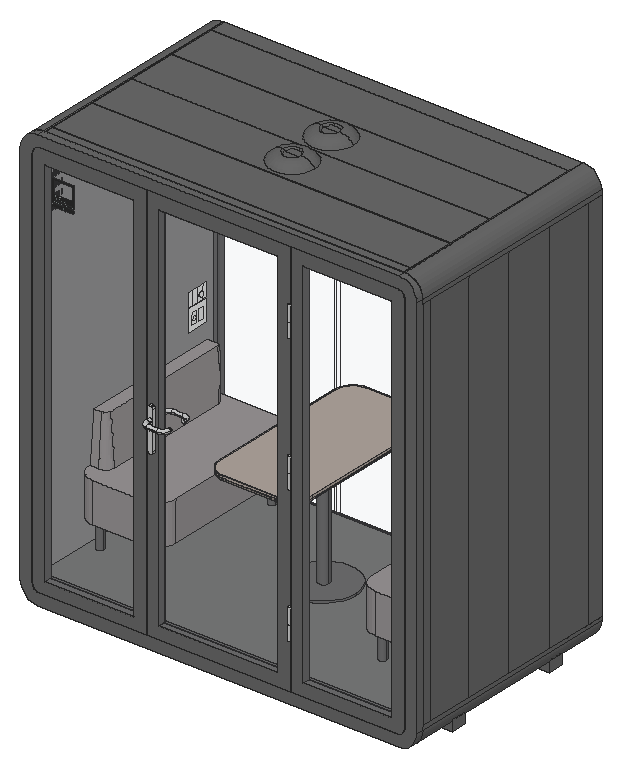
Revit family "MOTTO ML - black", category Entorno, Revit 2023 (continued)
Definition of nested family "Motto ML"
  Forms (mm)
    Extrusion 51, void
      sketch origin (0, 562.847, 0) x (-1, 0, 0) y (0, -1, 0)
        loop
          line (-598.246, 564.134) -> (-573.246, 564.134)
          arc (-573.246, 564.134) -> (-565.746, 571.634) -> (-573.246, 579.134) r 7.5
        loop
          line (-628.246, 499.134) -> (-653.246, 499.134)
          arc (-653.246, 499.134) -> (-660.746, 491.634) -> (-653.246, 484.134) r 7.5
          line (-653.246, 484.134) -> (-628.246, 484.134)
          arc (-628.246, 484.134) -> (-620.746, 491.634) -> (-628.246, 499.134) r 7.5
        loop
          line (-628.246, 519.134) -> (-653.246, 519.134)
          arc (-653.246, 519.134) -> (-660.746, 511.634) -> (-653.246, 504.134) r 7.5
          line (-653.246, 504.134) -> (-628.246, 504.134)
          arc (-628.246, 504.134) -> (-620.746, 511.634) -> (-628.246, 519.134) r 7.5
        loop
          line (-628.246, 539.134) -> (-653.246, 539.134)
          arc (-653.246, 539.134) -> (-660.746, 531.634) -> (-653.246, 524.134) r 7.5
          line (-653.246, 524.134) -> (-628.246, 524.134)
          arc (-628.246, 524.134) -> (-620.746, 531.634) -> (-628.246, 539.134) r 7.5
        loop
          line (-628.246, 559.134) -> (-653.246, 559.134)
          arc (-653.246, 559.134) -> (-660.746, 551.634) -> (-653.246, 544.134) r 7.5
          line (-653.246, 544.134) -> (-628.246, 544.134)
          arc (-628.246, 544.134) -> (-620.746, 551.634) -> (-628.246, 559.134) r 7.5
        loop
          line (-628.246, 579.134) -> (-653.246, 579.134)
          arc (-653.246, 579.134) -> (-660.746, 571.634) -> (-653.246, 564.134) r 7.5
          line (-653.246, 564.134) -> (-628.246, 564.134)
          arc (-628.246, 564.134) -> (-620.746, 571.634) -> (-628.246, 579.134) r 7.5
      from 2163.345 to 2319.018
    Extrusion 52, void
      sketch origin (2041.572, 292.4, -12.428) x (1, 0, 0) y (0, 0, 1)
        loop
          arc (-2403.75, 1126.252) -> (-2408.25, 1141.963) -> (-2412.75, 1126.252) r 8.5
          line (-2412.75, 1126.252) -> (-2412.75, 1113.463)
          arc (-2412.75, 1113.463) -> (-2408.25, 1108.963) -> (-2403.75, 1113.463) r 4.5
          line (-2403.75, 1113.463) -> (-2403.75, 1126.252)
        loop
          arc (-2401.308, 1134.409) -> (-2415.256, 1133.49) -> (-2401.316, 1132.462) r 7.006
          line (-2401.316, 1132.462) -> (-2408.25, 1132.462) -> (-2408.25, 1134.409) -> (-2401.308, 1134.409)
      from 801.439 to 811.141
    Extrusion 53, solid, visible <- "Cloud White (calc)"
      sketch origin (1389, -36.7, 43.15) x (1, 0, 0) y (0, 1, 0)
        loop
          line (-394, -374.155) -> (-2384, -374.155) -> (-2384, -423.9) -> (-394, -423.9) -> (-394, -374.155)
      from 2235 to 2300
    Extrusion 54, solid, visible <- "Cloud White (calc)"
      sketch origin (1389, 23.673, 43.15) x (1, 0, 0) y (0, 1, 0)
        loop
          line (-394, 116.455) -> (-2384, 116.455) -> (-2384, -159.1) -> (-394, -159.1) -> (-394, 116.455)
      from 2235 to 2300
    Extrusion 55, solid, visible <- "Cloud White (calc)"
      sketch origin (1389, 299.227, 43.15) x (1, 0, 0) y (0, 1, 0)
        loop
          line (-394, 116.455) -> (-2384, 116.455) -> (-2384, -159.1) -> (-394, -159.1) -> (-394, 116.455)
      from 2235 to 2300
    Extrusion 56, solid, visible <- "Cloud White (calc)"
      sketch origin (1389, 574.782, 43.15) x (1, 0, 0) y (0, 1, 0)
        loop
          line (-394, 116.455) -> (-2384, 116.455) -> (-2384, -159.1) -> (-394, -159.1) -> (-394, 116.455)
      from 2235 to 2300
    Extrusion 57, solid, visible <- "Cloud White (calc)"
      sketch origin (-1534, -720.471, 0) x (-1, 0, 0) y (0, -1, 0)
        loop
          line (-501, -860.217) -> (-434, -860.217) -> (-434, -585.044) -> (-501, -585.044) -> (-501, -860.217)
      from 122.408 to 2220.742
    Extrusion 58, solid, visible <- "Cloud White (calc)"
      sketch origin (-1534, -445.299, 0) x (-1, 0, 0) y (0, -1, 0)
        loop
          line (-501, -860.217) -> (-434, -860.217) -> (-434, -585.044) -> (-501, -585.044) -> (-501, -860.217)
      from 122.408 to 2220.742
    Extrusion 59, solid, visible <- "Cloud White (calc)"
      sketch origin (-1534, -170.126, 0) x (-1, 0, 0) y (0, -1, 0)
        loop
          line (-501, -861.363) -> (-434, -861.363) -> (-434, -585.044) -> (-501, -585.044) -> (-501, -861.363)
      from 122.408 to 2220.742
    Extrusion 60, solid, visible <- "Cloud White (calc)"
      sketch origin (1534, -720.471, 0) x (1, 0, 0) y (0, 1, 0)
        loop
          line (-501, 860.217) -> (-501, 585.044) -> (-434, 585.044) -> (-434, 860.217) -> (-501, 860.217)
      from 122.408 to 2220.742
    Extrusion 61, solid, visible <- "Cloud White (calc)"
      sketch origin (1534, -445.299, 0) x (1, 0, 0) y (0, 1, 0)
        loop
          line (-501, 860.217) -> (-501, 585.044) -> (-434, 585.044) -> (-434, 860.217) -> (-501, 860.217)
      from 122.408 to 2220.742
    Extrusion 62, solid, visible <- "Cloud White (calc)"
      sketch origin (1534, -170.126, 0) x (1, 0, 0) y (0, 1, 0)
        loop
          line (-501, 861.363) -> (-501, 585.044) -> (-434, 585.044) -> (-434, 861.363) -> (-501, 861.363)
      from 122.408 to 2220.742
    Extrusion 63, solid
      sketch origin (2798.55, 455.495, 145.853) x (1, 0, 0) y (0, 1, 0)
        loop
          arc (-2154.55, 275.105) -> (-2225.261, 245.816) -> (-2254.55, 175.105) r 100
          line (-2254.55, 175.105) -> (-2254.55, -570.095)
          arc (-2254.55, -570.095) -> (-2225.261, -640.806) -> (-2154.55, -670.095) r 100
          line (-2154.55, -670.095) -> (-1874.55, -670.095)
          arc (-1874.55, -670.095) -> (-1803.84, -640.806) -> (-1774.55, -570.095) r 100
          line (-1774.55, -570.095) -> (-1774.55, 275.105) -> (-2154.55, 275.105)
      from 157.492 to 377.492
    Extrusion 64, solid
      sketch origin (0, 0, 61.685) x (-1, 0, 0) y (0, -1, 0)
        loop
          arc (-924, 64.6) -> (-938.645, 99.955) -> (-974, 114.6) r 50
          line (-974, 114.6) -> (-1024, 114.6) -> (-1024, -695.733) -> (-974, -695.733)
          arc (-974, -695.733) -> (-938.645, -681.089) -> (-924, -645.733) r 50
          line (-924, -645.733) -> (-924, 64.6)
      from 461.66 to 731.66
    Sweep 65, void
      path origin (0, -25, 523.345) x (-1, 0, 0) y (0, -1, 0)
        loop
          line (-1024, 89.6) -> (-974, 89.6)
          arc (-974, 89.6) -> (-938.645, 74.955) -> (-924, 39.6) r 50
          line (-924, 39.6) -> (-924, -705.6)
          arc (-924, -705.6) -> (-938.645, -740.955) -> (-974, -755.6) r 50
          line (-974, -755.6) -> (-1024, -755.6)
      profile origin (938.645, -99.955, 523.345) x (-0.707107, -0.707107, 0) y (0, 0, 1)
        loop
          line (0, 0) -> (30.086, 0) -> (5.086, 270) -> (-25, 270) -> (0, 0)
    Extrusion 66, void
      sketch origin (-72.741, 867.299, 0) x (1, 0, 0) y (0, 1, 0)
        loop
          circle (203.151, -313.11) r 31.75
      from 2206.495 to 2434.9
    Extrusion 67, solid
      sketch origin (-1036.883, 5381.492, 2210.804) x (0, 1, 0) y (1, 0, 0.000001)
        loop
          circle (-5694.602, 814.663) r 21
        loop
          circle (-5694.602, 814.663) r 19
      from 0 to 5.054
    Revolve 68, solid
      sketch origin (-222.22, -1447.686, 1644.968) x (0, -1, 0) y (0.000001, 0, -1)
        loop
          arc (-1115.576, -565.837) -> (-1121.141, -552.402) -> (-1134.576, -546.837) r 19
          line (-1134.576, -546.837) -> (-1134.576, -565.837) -> (-1115.576, -565.837)
        axis (-1134.576, -546.837) -> (-1134.576, -565.837)
      angle from 0 to 360
    Extrusion 69, solid, visible <- "Cloud White (calc)"
      sketch origin (1389, -251.882, -2233.987) x (1, 0, 0) y (0, 1, 0)
        loop
          line (-394, 116.455) -> (-2384, 116.455) -> (-2384, -159.1) -> (-394, -159.1) -> (-394, 116.455)
      from 2235 to 2300
    Extrusion 70, solid, visible <- "Cloud White (calc)"
      sketch origin (1389, 1154.755, -2233.987) x (1, 0, 0) y (0, 1, 0)
        loop
          line (-394, -374.155) -> (-2384, -374.155) -> (-2384, -463.9) -> (-394, -463.9) -> (-394, -374.155)
      from 2235 to 2300
    Extrusion 71, solid, visible <- "Cloud White (calc)"
      sketch origin (1389, -36.7, -2233.987) x (1, 0, 0) y (0, 1, 0)
        loop
          line (-394, -374.155) -> (-2384, -374.155) -> (-2384, -423.9) -> (-394, -423.9) -> (-394, -374.155)
      from 2235 to 2300
    Extrusion 72, solid, visible <- "Cloud White (calc)"
      sketch origin (1389, 23.673, -2233.987) x (1, 0, 0) y (0, 1, 0)
        loop
          line (-394, 116.455) -> (-2384, 116.455) -> (-2384, -159.1) -> (-394, -159.1) -> (-394, 116.455)
      from 2235 to 2300
    Extrusion 73, solid, visible <- "Cloud White (calc)"
      sketch origin (1389, 299.227, -2233.987) x (1, 0, 0) y (0, 1, 0)
        loop
          line (-394, 116.455) -> (-2384, 116.455) -> (-2384, -159.1) -> (-394, -159.1) -> (-394, 116.455)
      from 2235 to 2300
    Extrusion 74, solid, visible <- "Cloud White (calc)"
      sketch origin (1389, 574.782, -2233.987) x (1, 0, 0) y (0, 1, 0)
        loop
          line (-394, 116.455) -> (-2384, 116.455) -> (-2384, -159.1) -> (-394, -159.1) -> (-394, 116.455)
      from 2235 to 2300
    Extrusion 75, solid
      sketch origin (-1024, 6373.883, 229.771) x (0, 1, 0) y (0, 0, 1)
        loop
          line (-5807.602, 851.663) -> (-5807.602, 777.663) -> (-5787.602, 777.663) -> (-5787.602, 851.663) -> (-5807.602, 851.663)
        loop
          line (-5687.602, 777.663) -> (-5687.602, 851.663) -> (-5707.602, 851.663) -> (-5707.602, 777.663) -> (-5687.602, 777.663)
        loop
          circle (-5730.227, 814.038) r 10
        loop
          circle (-5730.227, 814.038) r 11
        loop
          arc (-5744.987, 814.038) -> (-5744.487, 813.538) -> (-5743.987, 814.038) r 0.5
          arc (-5743.987, 814.038) -> (-5730.227, 827.798) -> (-5716.466, 814.038) r 13.76
          arc (-5716.466, 814.038) -> (-5715.966, 813.538) -> (-5715.466, 814.038) r 0.5
          arc (-5715.466, 814.038) -> (-5730.227, 828.798) -> (-5744.987, 814.038) r 14.76
        loop
          line (-5785.602, 777.663) -> (-5748.602, 777.663) -> (-5748.602, 851.663) -> (-5785.602, 851.663) -> (-5785.602, 777.663)
        loop
          line (-5709.602, 851.663) -> (-5746.602, 851.663) -> (-5746.602, 777.663) -> (-5709.602, 777.663) -> (-5709.602, 851.663)
      from 0 to 5.054
    Extrusion 76, solid
      sketch origin (-1018.946, 6368.258, 229.146) x (0, 1, 0) y (0, 0, 1)
        loop
          circle (-5724.602, 814.663) r 10
      from 0 to 9.946
    Extrusion 77, solid
      sketch origin (-1024, 6461.55, -48.156) x (0, 1, 0) y (0, 0, 1)
        loop
          line (-5893.061, 931.122) -> (-5777.061, 931.122) -> (-5777.061, 1047.122) -> (-5893.061, 1047.122) -> (-5893.061, 931.122)
        loop
          line (-5873.061, 1021.122) -> (-5873.061, 957.122) -> (-5841.061, 957.122) -> (-5841.061, 1021.122) -> (-5873.061, 1021.122)
        loop
          line (-5829.061, 1021.122) -> (-5829.061, 957.122) -> (-5797.061, 957.122) -> (-5797.061, 1021.122) -> (-5829.061, 1021.122)
        loop
          line (-5871.061, 1019.122) -> (-5871.061, 959.122) -> (-5843.061, 959.122) -> (-5843.061, 1019.122) -> (-5871.061, 1019.122)
        loop
          line (-5827.061, 959.122) -> (-5799.061, 959.122) -> (-5799.061, 1019.122) -> (-5827.061, 1019.122) -> (-5827.061, 959.122)
        loop
          line (-5820.601, 1013.319) -> (-5820.601, 1006.319) -> (-5818.428, 1006.319) -> (-5818.428, 1013.319) -> (-5820.601, 1013.319)
        loop
          line (-5808.216, 1014.319) -> (-5808.216, 1005.319) -> (-5806.043, 1005.319) -> (-5806.043, 1014.319) -> (-5808.216, 1014.319)
        loop
          line (-5815.822, 998.679) -> (-5810.822, 998.679) -> (-5810.822, 1000.975)
          arc (-5810.822, 1000.975) -> (-5813.322, 1003.475) -> (-5815.822, 1000.975) r 2.5
          line (-5815.822, 1000.975) -> (-5815.822, 998.679)
        loop
          line (-5806.668, 994.472) -> (-5806.668, 982.472) -> (-5801.668, 982.472) -> (-5801.668, 994.472) -> (-5806.668, 994.472)
        loop
          line (-5820.601, 975.522) -> (-5820.601, 968.522) -> (-5818.428, 968.522) -> (-5818.428, 975.522) -> (-5820.601, 975.522)
        loop
          line (-5808.216, 976.522) -> (-5808.216, 967.522) -> (-5806.043, 967.522) -> (-5806.043, 976.522) -> (-5808.216, 976.522)
        loop
          line (-5815.822, 960.882) -> (-5810.822, 960.882) -> (-5810.822, 963.178)
          arc (-5810.822, 963.178) -> (-5813.322, 965.678) -> (-5815.822, 963.178) r 2.5
          line (-5815.822, 963.178) -> (-5815.822, 960.882)
        loop
          line (-5824.976, 994.472) -> (-5824.976, 982.472) -> (-5819.976, 982.472) -> (-5819.976, 994.472) -> (-5824.976, 994.472)
        loop
          arc (-5814.388, 985.781) -> (-5813.302, 984.694) -> (-5812.215, 985.781) r 1.087
          line (-5812.215, 985.781) -> (-5812.215, 990.548)
          arc (-5812.215, 990.548) -> (-5813.302, 991.635) -> (-5814.388, 990.548) r 1.087
          line (-5814.388, 990.548) -> (-5814.388, 985.781)
        loop
          circle (-5857.061, 989.122) r 11.249
        loop
          circle (-5857.061, 989.122) r 10
      from 0 to 5.054
    Extrusion 78, solid, visible <- "Cloud White (calc)"
      sketch origin (-1105.054, 6345.817, -597.673) x (0, 1, 0) y (0, 0, 1)
        loop
          line (-5754.033, 820.256) -> (-5754.033, 795.602)
          arc (-5754.033, 795.602) -> (-5753.288, 793.239) -> (-5751.323, 791.731) r 4.119
          line (-5751.323, 791.731) -> (-5729.24, 783.694)
          arc (-5729.24, 783.694) -> (-5723.425, 782.668) -> (-5717.611, 783.694) r 17
          line (-5717.611, 783.694) -> (-5695.528, 791.731)
          arc (-5695.528, 791.731) -> (-5693.562, 793.239) -> (-5692.817, 795.602) r 4.119
          line (-5692.817, 795.602) -> (-5692.817, 820.256)
          arc (-5692.817, 820.256) -> (-5693.455, 822.279) -> (-5695.138, 823.571) r 3.528
          line (-5695.138, 823.571) -> (-5717.606, 831.748)
          arc (-5717.606, 831.748) -> (-5723.425, 832.774) -> (-5729.245, 831.748) r 17.015
          line (-5729.245, 831.748) -> (-5751.712, 823.571)
          arc (-5751.712, 823.571) -> (-5753.395, 822.279) -> (-5754.033, 820.256) r 3.528
        loop
          line (-5712.991, 811.298) -> (-5712.991, 809.409) -> (-5707.991, 809.409) -> (-5707.991, 811.298) -> (-5712.991, 811.298)
        loop
          line (-5708.569, 807.613) -> (-5708.569, 805.816) -> (-5704.285, 805.816) -> (-5704.285, 807.613) -> (-5708.569, 807.613)
        loop
          line (-5712.991, 802.131) -> (-5707.991, 802.131) -> (-5707.991, 804.02) -> (-5712.991, 804.02) -> (-5712.991, 802.131)
        loop
          arc (-5717.6, 796.371) -> (-5716.964, 794.835) -> (-5715.427, 794.198) r 2.173
          line (-5715.427, 794.198) -> (-5705.647, 794.198) -> (-5700.116, 799.73) -> (-5700.116, 814.168) -> (-5705.647, 819.7) -> (-5715.427, 819.7)
          arc (-5715.427, 819.7) -> (-5716.964, 819.063) -> (-5717.6, 817.527) r 2.173
          line (-5717.6, 817.527) -> (-5717.6, 796.371)
        loop
          line (-5744.165, 819.7) -> (-5744.165, 794.198) -> (-5734.783, 794.198) -> (-5734.783, 819.7) -> (-5744.165, 819.7)
        loop
          line (-5743.165, 795.198) -> (-5735.783, 795.198) -> (-5735.783, 818.7) -> (-5743.165, 818.7) -> (-5743.165, 795.198)
        loop
          line (-5749.571, 792.573) -> (-5697.093, 792.573)
          arc (-5697.093, 792.573) -> (-5695.679, 793.159) -> (-5695.093, 794.573) r 2
          line (-5695.093, 794.573) -> (-5695.093, 820.015)
          arc (-5695.093, 820.015) -> (-5695.679, 821.43) -> (-5697.093, 822.015) r 2
          line (-5697.093, 822.015) -> (-5749.571, 822.015)
          arc (-5749.571, 822.015) -> (-5750.986, 821.43) -> (-5751.571, 820.015) r 2
          line (-5751.571, 820.015) -> (-5751.571, 794.573)
          arc (-5751.571, 794.573) -> (-5750.986, 793.159) -> (-5749.571, 792.573) r 2
        loop
          line (-5697.093, 821.015) -> (-5749.571, 821.015)
          arc (-5749.571, 821.015) -> (-5750.278, 820.722) -> (-5750.571, 820.015) r 1
          line (-5750.571, 820.015) -> (-5750.571, 794.573)
          arc (-5750.571, 794.573) -> (-5750.278, 793.866) -> (-5749.571, 793.573) r 1
          line (-5749.571, 793.573) -> (-5697.093, 793.573)
          arc (-5697.093, 793.573) -> (-5696.386, 793.866) -> (-5696.093, 794.573) r 1
          line (-5696.093, 794.573) -> (-5696.093, 820.015)
          arc (-5696.093, 820.015) -> (-5696.386, 820.722) -> (-5697.093, 821.015) r 1
        loop
          line (-5701.116, 813.754) -> (-5706.061, 818.7) -> (-5715.427, 818.7)
          arc (-5715.427, 818.7) -> (-5716.256, 818.356) -> (-5716.6, 817.527) r 1.173
          line (-5716.6, 817.527) -> (-5716.6, 796.371)
          arc (-5716.6, 796.371) -> (-5716.256, 795.542) -> (-5715.427, 795.198) r 1.173
          line (-5715.427, 795.198) -> (-5706.061, 795.198) -> (-5701.116, 800.144) -> (-5701.116, 813.754)
      from 0 to 5.054
    Extrusion 79, solid, visible <- "Cloud White (calc)"
      sketch origin (-1105.054, 6345.18, -549.364) x (0, 1, 0) y (0, 0, 1)
        loop
          arc (-5733.035, 821.247) -> (-5735.839, 820.086) -> (-5737, 817.282) r 3.965
          line (-5737, 817.282) -> (-5737, 791.497)
          arc (-5737, 791.497) -> (-5735.828, 788.669) -> (-5733, 787.497) r 4
          line (-5733, 787.497) -> (-5713, 787.497)
          arc (-5713, 787.497) -> (-5710.172, 788.669) -> (-5709, 791.497) r 4
          line (-5709, 791.497) -> (-5709, 817.247)
          arc (-5709, 817.247) -> (-5710.172, 820.076) -> (-5713, 821.247) r 4
          line (-5713, 821.247) -> (-5733.035, 821.247)
        loop
          circle (-5723.018, 804.39) r 11.85
        loop
          circle (-5723.018, 804.39) r 10.85
        loop
          line (-5719.938, 811.247) -> (-5726.097, 811.247) -> (-5726.097, 809.779) -> (-5728.218, 809.779) -> (-5728.218, 807.316) -> (-5730.954, 807.316) -> (-5730.954, 798.218) -> (-5715.081, 798.218) -> (-5715.081, 807.316) -> (-5717.817, 807.316) -> (-5717.817, 809.779) -> (-5719.938, 809.779) -> (-5719.938, 811.247)
        loop
          line (-5730.454, 798.718) -> (-5715.581, 798.718) -> (-5715.581, 806.816) -> (-5718.317, 806.816) -> (-5718.317, 809.279) -> (-5720.438, 809.279) -> (-5720.438, 810.747) -> (-5725.597, 810.747) -> (-5725.597, 809.279) -> (-5727.718, 809.279) -> (-5727.718, 806.816) -> (-5730.454, 806.816) -> (-5730.454, 798.718)
      from 0 to 5.054
    Extrusion 80, solid
      sketch origin (-835, -500.6, 0) x (1, 0, 0) y (0, 0, 1)
        loop
          line (-3.402, 2028.937) -> (-9.633, 2032.534) -> (-12.737, 2030.741) -> (-12.737, 2034.326) -> (-16.005, 2036.212) -> (-16.005, 2021.764) -> (-9.659, 2018.1) -> (-3.402, 2021.767) -> (-3.402, 2028.937)
        loop
          line (-12.581, 2019.97) -> (-6.325, 2023.636) -> (-6.325, 2030.374) -> (-12.581, 2027.191) -> (-12.581, 2019.97)
        loop
          line (3.496, 2029.305) -> (3.496, 2021.779) -> (6.55, 2021.779)
          spline (6.55, 2021.779) -> (7.21, 2022.076) -> (7.568, 2022.441) -> (7.786, 2022.787) -> (7.929, 2023.103) -> (8.009, 2023.418) -> (8.035, 2023.75) -> (8.023, 2024.097) -> (7.983, 2024.454) -> (7.892, 2024.813) -> (7.713, 2025.165) -> (7.376, 2025.5) -> (6.757, 2025.809)
          spline (6.757, 2025.809) -> (7.193, 2026.058) -> (7.454, 2026.301) -> (7.614, 2026.549) -> (7.736, 2026.812) -> (7.827, 2027.098) -> (7.874, 2027.414) -> (7.866, 2027.766) -> (7.789, 2028.161) -> (7.631, 2028.571) -> (7.38, 2028.939) -> (7.024, 2029.204) -> (6.55, 2029.305)
          line (6.55, 2029.305) -> (3.496, 2029.305)
        loop
          line (5.149, 2028.107) -> (5.149, 2026.25)
          spline (5.149, 2026.25) -> (5.75, 2026.258) -> (6.08, 2026.313) -> (6.27, 2026.434) -> (6.384, 2026.597) -> (6.445, 2026.798) -> (6.465, 2027.037) -> (6.45, 2027.302) -> (6.4, 2027.575) -> (6.281, 2027.818) -> (6.054, 2027.989) -> (5.685, 2028.077) -> (5.149, 2028.107)
        loop
          line (5.149, 2025.056) -> (5.149, 2023.203)
          spline (5.149, 2023.203) -> (5.75, 2023.211) -> (6.08, 2023.267) -> (6.27, 2023.387) -> (6.384, 2023.55) -> (6.445, 2023.751) -> (6.465, 2023.99) -> (6.45, 2024.255) -> (6.4, 2024.529) -> (6.281, 2024.772) -> (6.054, 2024.942) -> (5.685, 2025.031) -> (5.149, 2025.056)
        loop
          line (8.845, 2029.305) -> (8.845, 2023.685)
          spline (8.845, 2023.685) -> (8.988, 2023.094) -> (9.331, 2022.588) -> (9.748, 2022.215) -> (10.167, 2021.993) -> (10.59, 2021.894) -> (11.026, 2021.884) -> (11.481, 2021.941) -> (11.943, 2022.071) -> (12.393, 2022.295) -> (12.811, 2022.631) -> (13.129, 2023.091) -> (13.256, 2023.685)
          line (13.256, 2023.685) -> (13.256, 2029.305) -> (11.752, 2029.305) -> (11.752, 2023.685)
          spline (11.752, 2023.685) -> (11.711, 2023.48) -> (11.605, 2023.332) -> (11.464, 2023.229) -> (11.316, 2023.16) -> (11.178, 2023.119) -> (11.046, 2023.104) -> (10.915, 2023.117) -> (10.778, 2023.157) -> (10.631, 2023.226) -> (10.493, 2023.329) -> (10.389, 2023.479) -> (10.348, 2023.685)
          line (10.348, 2023.685) -> (10.348, 2029.305) -> (8.845, 2029.305)
        loop
          line (14.274, 2029.305) -> (14.274, 2021.779) -> (15.692, 2021.779) -> (15.692, 2024.832)
          spline (15.692, 2024.832) -> (16.291, 2024.8) -> (16.584, 2024.706) -> (16.742, 2024.55) -> (16.825, 2024.327) -> (16.877, 2024.034) -> (16.915, 2023.692) -> (16.94, 2023.339) -> (16.956, 2023.011) -> (16.982, 2022.718) -> (17.046, 2022.455) -> (17.202, 2022.189) -> (17.578, 2021.779)
          line (17.578, 2021.779) -> (19.121, 2021.779)
          spline (19.121, 2021.779) -> (18.761, 2022.25) -> (18.573, 2022.594) -> (18.485, 2022.883) -> (18.433, 2023.182) -> (18.396, 2023.495) -> (18.373, 2023.81) -> (18.359, 2024.113) -> (18.339, 2024.402) -> (18.291, 2024.677) -> (18.192, 2024.941) -> (17.99, 2025.194) -> (17.598, 2025.439)
          spline (17.598, 2025.439) -> (18.104, 2025.708) -> (18.412, 2025.952) -> (18.594, 2026.202) -> (18.715, 2026.488) -> (18.791, 2026.818) -> (18.816, 2027.191) -> (18.782, 2027.605) -> (18.684, 2028.057) -> (18.508, 2028.515) -> (18.235, 2028.916) -> (17.848, 2029.201) -> (17.328, 2029.305)
          line (17.328, 2029.305) -> (14.274, 2029.305)
        loop
          line (15.692, 2028.193) -> (15.692, 2025.983)
          spline (15.692, 2025.983) -> (16.409, 2025.993) -> (16.802, 2026.059) -> (17.029, 2026.203) -> (17.165, 2026.397) -> (17.239, 2026.637) -> (17.262, 2026.922) -> (17.244, 2027.239) -> (17.184, 2027.565) -> (17.043, 2027.854) -> (16.771, 2028.058) -> (16.331, 2028.164) -> (15.692, 2028.193)
        loop
          line (19.763, 2029.305) -> (19.763, 2021.779) -> (23.34, 2021.779) -> (23.34, 2022.89) -> (21.304, 2022.89) -> (21.304, 2025.118) -> (22.932, 2025.118) -> (22.932, 2026.382) -> (21.304, 2026.382) -> (21.304, 2028.193) -> (23.34, 2028.193) -> (23.34, 2029.305) -> (19.763, 2029.305)
        loop
          line (23.935, 2021.779) -> (25.268, 2021.779) -> (25.626, 2023.621) -> (27.207, 2023.621) -> (27.565, 2021.779) -> (28.897, 2021.779) -> (27.434, 2029.305) -> (25.398, 2029.305) -> (23.935, 2021.779)
        loop
          line (26.416, 2027.687) -> (25.854, 2024.794) -> (26.978, 2024.794) -> (26.416, 2027.687)
        loop
          line (29.62, 2029.305) -> (29.62, 2023.685)
          spline (29.62, 2023.685) -> (29.763, 2023.094) -> (30.107, 2022.588) -> (30.524, 2022.215) -> (30.943, 2021.993) -> (31.366, 2021.894) -> (31.802, 2021.884) -> (32.257, 2021.941) -> (32.719, 2022.071) -> (33.169, 2022.295) -> (33.587, 2022.631) -> (33.905, 2023.091) -> (34.032, 2023.685)
          line (34.032, 2023.685) -> (34.032, 2029.305) -> (32.528, 2029.305) -> (32.528, 2023.685)
          spline (32.528, 2023.685) -> (32.487, 2023.48) -> (32.381, 2023.332) -> (32.24, 2023.229) -> (32.092, 2023.16) -> (31.954, 2023.119) -> (31.822, 2023.104) -> (31.69, 2023.117) -> (31.554, 2023.157) -> (31.407, 2023.226) -> (31.269, 2023.329) -> (31.165, 2023.479) -> (31.124, 2023.685)
          line (31.124, 2023.685) -> (31.124, 2029.305) -> (29.62, 2029.305)
        loop
          line (-79, 2156.495) -> (-79, 2042.865) -> (34.032, 2042.865) -> (34.032, 2156.495) -> (-79, 2156.495)
        loop
          line (-76.544, 2154.02) -> (-76.544, 2045.565) -> (31.373, 2045.565) -> (31.373, 2154.02) -> (-76.544, 2154.02)
        loop
          line (-57.836, 2055.415) -> (-49.935, 2055.415) -> (-51.265, 2056.745) -> (-51.265, 2075.138) -> (-49.781, 2075.934) -> (-56.239, 2075.934) -> (-61.693, 2060.949) -> (-67.147, 2075.934) -> (-73.35, 2075.934) -> (-71.493, 2074.076) -> (-71.493, 2056.745) -> (-72.823, 2055.415) -> (-69.039, 2055.415) -> (-70.37, 2056.745) -> (-70.37, 2073.073) -> (-63.943, 2055.415) -> (-62.436, 2055.415) -> (-56.505, 2071.71) -> (-56.505, 2056.745) -> (-57.836, 2055.415)
        loop
          arc (-45.914, 2074.054) -> (-49.327, 2065.792) -> (-45.914, 2057.529) r 11.707
          arc (-45.914, 2057.529) -> (-39.715, 2054.955) -> (-33.516, 2057.529) r 8.75
          arc (-33.516, 2057.529) -> (-30.103, 2065.792) -> (-33.516, 2074.054) r 11.707
          arc (-33.516, 2074.054) -> (-39.715, 2076.629) -> (-45.914, 2074.054) r 8.75
        loop
          arc (-35.465, 2072.268) -> (-39.715, 2075.674) -> (-43.965, 2072.268) r 4.354
          arc (-43.965, 2072.268) -> (-44.675, 2065.819) -> (-43.965, 2059.37) r 29.62
          arc (-43.965, 2059.37) -> (-39.715, 2055.964) -> (-35.465, 2059.37) r 4.354
          arc (-35.465, 2059.37) -> (-34.754, 2065.819) -> (-35.465, 2072.268) r 29.62
        loop
          line (-29.556, 2075.991) -> (-29.556, 2070.483) -> (-26.868, 2075.138) -> (-22.563, 2075.138) -> (-22.563, 2056.745) -> (-24.868, 2055.415) -> (-15.513, 2055.415) -> (-17.818, 2056.745) -> (-17.818, 2075.138) -> (-14.072, 2075.138) -> (-11.385, 2070.483) -> (-11.385, 2075.991) -> (-29.556, 2075.991)
        loop
          arc (11.762, 2074.054) -> (8.349, 2065.792) -> (11.762, 2057.529) r 11.707
          arc (11.762, 2057.529) -> (17.961, 2054.955) -> (24.16, 2057.529) r 8.75
          arc (24.16, 2057.529) -> (27.573, 2065.792) -> (24.16, 2074.054) r 11.707
          arc (24.16, 2074.054) -> (17.961, 2076.629) -> (11.762, 2074.054) r 8.75
        loop
          arc (22.211, 2072.268) -> (17.961, 2075.674) -> (13.711, 2072.268) r 4.354
          arc (13.711, 2072.268) -> (13, 2065.819) -> (13.711, 2059.37) r 29.62
          arc (13.711, 2059.37) -> (17.961, 2055.964) -> (22.211, 2059.37) r 4.354
          arc (22.211, 2059.37) -> (22.921, 2065.819) -> (22.211, 2072.268) r 29.62
        loop
          line (-10.257, 2075.991) -> (-10.257, 2070.483) -> (-7.569, 2075.138) -> (-3.264, 2075.138) -> (-3.264, 2056.745) -> (-5.568, 2055.415) -> (3.786, 2055.415) -> (1.482, 2056.745) -> (1.482, 2075.138) -> (5.227, 2075.138) -> (7.915, 2070.483) -> (7.915, 2075.991) -> (-10.257, 2075.991)
        loop
          line (-79.009, 2027.272) -> (-79.009, 2018.686) -> (-77.744, 2018.686) -> (-77.744, 2020.941)
          arc (-77.744, 2020.941) -> (-74.903, 2020.775) -> (-73.433, 2023.212) r 2.754
          line (-73.433, 2023.212) -> (-73.433, 2024.115)
          arc (-73.433, 2024.115) -> (-74.903, 2026.551) -> (-77.744, 2026.386) r 2.754
          line (-77.744, 2026.386) -> (-77.744, 2027.272) -> (-79.009, 2027.272)
        loop
          line (-67.166, 2026.889) -> (-65.203, 2020.848) -> (-64.071, 2020.848) -> (-63.004, 2024.832) -> (-61.709, 2020.848) -> (-60.573, 2020.848) -> (-58.954, 2026.889) -> (-60.135, 2026.889) -> (-61.341, 2023.178) -> (-62.335, 2026.889) -> (-63.672, 2026.889) -> (-64.666, 2023.178) -> (-65.872, 2026.889) -> (-67.166, 2026.889)
        loop
          line (-71.547, 2024.332) -> (-71.547, 2023.43)
          arc (-71.547, 2023.43) -> (-69.879, 2021.761) -> (-68.21, 2023.43) r 1.669
          line (-68.21, 2023.43) -> (-68.21, 2024.332)
          arc (-68.21, 2024.332) -> (-69.879, 2026.001) -> (-71.547, 2024.332) r 1.669
        loop
          line (-72.624, 2024.332) -> (-72.624, 2023.43)
          arc (-72.624, 2023.43) -> (-69.87, 2020.675) -> (-67.116, 2023.43) r 2.754
          line (-67.116, 2023.43) -> (-67.116, 2024.332)
          arc (-67.116, 2024.332) -> (-69.87, 2027.086) -> (-72.624, 2024.332) r 2.754
        loop
          line (-77.864, 2024.115) -> (-77.864, 2023.212)
          arc (-77.864, 2023.212) -> (-76.195, 2021.543) -> (-74.527, 2023.212) r 1.669
          line (-74.527, 2023.212) -> (-74.527, 2024.115)
          arc (-74.527, 2024.115) -> (-76.195, 2025.783) -> (-77.864, 2024.115) r 1.669
        loop
          line (-33.912, 2020.448) -> (-32.647, 2020.448) -> (-32.647, 2021.334)
          arc (-32.647, 2021.334) -> (-29.806, 2021.169) -> (-28.335, 2023.606) r 2.754
          line (-28.335, 2023.606) -> (-28.335, 2024.508)
          arc (-28.335, 2024.508) -> (-29.806, 2026.945) -> (-32.647, 2026.779) r 2.754
          line (-32.647, 2026.779) -> (-32.647, 2029.034) -> (-33.912, 2029.034) -> (-33.912, 2020.448)
        loop
          arc (-32.767, 2023.606) -> (-31.098, 2021.937) -> (-29.429, 2023.606) r 1.669
          line (-29.429, 2023.606) -> (-29.429, 2024.508)
          arc (-29.429, 2024.508) -> (-31.098, 2026.177) -> (-32.767, 2024.508) r 1.669
          line (-32.767, 2024.508) -> (-32.767, 2023.606)
        loop
          line (-37.443, 2020.448) -> (-37.443, 2029.034) -> (-38.708, 2029.034) -> (-38.708, 2026.779)
          arc (-38.708, 2026.779) -> (-41.55, 2026.945) -> (-43.02, 2024.508) r 2.754
          line (-43.02, 2024.508) -> (-43.02, 2023.606)
          arc (-43.02, 2023.606) -> (-41.55, 2021.169) -> (-38.708, 2021.334) r 2.754
          line (-38.708, 2021.334) -> (-38.708, 2020.448) -> (-37.443, 2020.448)
        loop
          line (-38.589, 2023.606) -> (-38.589, 2024.508)
          arc (-38.589, 2024.508) -> (-40.257, 2026.177) -> (-41.926, 2024.508) r 1.669
          line (-41.926, 2024.508) -> (-41.926, 2023.606)
          arc (-41.926, 2023.606) -> (-40.257, 2021.937) -> (-38.589, 2023.606) r 1.669
        loop
          line (-57.746, 2024.332) -> (-54.408, 2024.332)
          arc (-54.408, 2024.332) -> (-56.077, 2026.001) -> (-57.746, 2024.332) r 1.669
        loop
          line (-58.823, 2024.332) -> (-58.823, 2023.43)
          arc (-58.823, 2023.43) -> (-56.425, 2020.699) -> (-53.407, 2022.722) r 2.754
          line (-53.407, 2022.722) -> (-54.566, 2022.722)
          arc (-54.566, 2022.722) -> (-56.44, 2021.801) -> (-57.746, 2023.43) r 1.669
          line (-57.746, 2023.43) -> (-53.314, 2023.43) -> (-53.314, 2024.332)
          arc (-53.314, 2024.332) -> (-56.068, 2027.086) -> (-58.823, 2024.332) r 2.754
        loop
          line (-48.21, 2024.332) -> (-44.873, 2024.332)
          arc (-44.873, 2024.332) -> (-46.541, 2026.001) -> (-48.21, 2024.332) r 1.669
        loop
          line (-49.287, 2024.332) -> (-49.287, 2023.43)
          arc (-49.287, 2023.43) -> (-46.889, 2020.699) -> (-43.871, 2022.722) r 2.754
          line (-43.871, 2022.722) -> (-45.03, 2022.722)
          arc (-45.03, 2022.722) -> (-46.904, 2021.801) -> (-48.21, 2023.43) r 1.669
          line (-48.21, 2023.43) -> (-43.779, 2023.43) -> (-43.779, 2024.332)
          arc (-43.779, 2024.332) -> (-46.533, 2027.086) -> (-49.287, 2024.332) r 2.754
        loop
          line (-52.79, 2026.889) -> (-52.79, 2020.995) -> (-51.525, 2020.995) -> (-51.525, 2024.885) -> (-50.307, 2025.738) -> (-49.287, 2025.738) -> (-49.287, 2026.889) -> (-50.259, 2026.889) -> (-51.525, 2026.003) -> (-51.525, 2026.889) -> (-52.79, 2026.889)
        loop
          line (-27.627, 2026.889) -> (-25.642, 2020.779) -> (-25.909, 2019.781) -> (-27.672, 2019.781) -> (-27.672, 2018.769) -> (-25.902, 2018.769)
          arc (-25.902, 2018.769) -> (-25.376, 2018.91) -> (-24.992, 2019.294) r 1.051
          line (-24.992, 2019.294) -> (-22.957, 2026.889) -> (-24.004, 2026.889) -> (-25.154, 2022.598) -> (-26.549, 2026.889) -> (-27.627, 2026.889)
      from 0 to 5
    Revolve 81, solid, visible <- "Domino Black (calc)"
      sketch origin (0, 10.45, 198.5) x (1, 0, 0) y (0, 0, 1)
        loop
          line (-43, 2143.15) -> (-23.534, 2143.15)
          arc (-23.534, 2143.15) -> (-16.641, 2159.791) -> (0, 2166.684) r 23.534
          line (0, 2166.684) -> (0, 2176.15) -> (-43, 2176.15) -> (-50, 2183.15)
          arc (-50, 2183.15) -> (-92.258, 2173.074) -> (-123.75, 2143.15) r 83.579
          line (-123.75, 2143.15) -> (-43, 2143.15)
        axis (0, 2183.15) -> (0, 2143.15)
      angle from 0 to 360
    Extrusion 82, solid, visible <- "Domino Black (calc)"
      sketch origin (0, -7.6, 0) x (1, 0, 0) y (0, 0, 1)
        loop
          arc (-1000, 2343.15) -> (-1070.711, 2313.861) -> (-1100, 2243.15) r 100
          line (-1100, 2243.15) -> (-1100, 100)
          arc (-1100, 100) -> (-1070.711, 29.289) -> (-1000, 0) r 100
          line (-1000, 0) -> (1000, 0)
          arc (1000, 0) -> (1070.711, 29.289) -> (1100, 100) r 100
          line (1100, 100) -> (1100, 2243.15)
          arc (1100, 2243.15) -> (1070.711, 2313.861) -> (1000, 2343.15) r 100
          line (1000, 2343.15) -> (-1000, 2343.15)
        loop
          arc (-994, 2277.15) -> (-1022.284, 2265.434) -> (-1034, 2237.15) r 40
          line (-1034, 2237.15) -> (-1034, 106)
          arc (-1034, 106) -> (-1022.284, 77.716) -> (-994, 66) r 40
          line (-994, 66) -> (994, 66)
          arc (994, 66) -> (1022.284, 77.716) -> (1034, 106) r 40
          line (1034, 106) -> (1034, 2237.15)
          arc (1034, 2237.15) -> (1022.284, 2265.434) -> (994, 2277.15) r 40
          line (994, 2277.15) -> (-994, 2277.15)
      from 453 to 493
    Extrusion 83, solid, visible <- "Domino Black (calc)"
      sketch origin (0, 21.645, 0) x (1, 0, 0) y (0, 0, 1)
        loop
          line (-1090.921, 58.367) -> (-1090.921, -6.709) -> (-963.421, -6.709) -> (-963.421, 0) -> (-1000, 0)
          arc (-1000, 0) -> (-1054.022, 15.847) -> (-1090.921, 58.367) r 100
        loop
          arc (1090.921, 58.367) -> (1054.022, 15.847) -> (1000, 0) r 100
          line (1000, 0) -> (963.421, 0) -> (963.421, -6.709) -> (1090.921, -6.709) -> (1090.921, 58.367)
      from 175.645 to 258.645
    Revolve 84, solid, visible <- "Domino Black (calc)"
      sketch origin (0, 279.7, 198.5) x (1, 0, 0) y (0, 0, -1)
        loop
          line (-43, -2143.15) -> (-123.75, -2143.15)
          arc (-123.75, -2143.15) -> (-92.258, -2173.074) -> (-50, -2183.15) r 83.579
          line (-50, -2183.15) -> (-43, -2176.15) -> (0, -2176.15) -> (0, -2166.684)
          arc (0, -2166.684) -> (-16.641, -2159.791) -> (-23.534, -2143.15) r 23.534
          line (-23.534, -2143.15) -> (-43, -2143.15)
        axis (0, -2183.15) -> (0, -2143.15)
      angle from 0 to 360
    Extrusion 85, solid, visible <- "Domino Black (calc)"
      sketch origin (0, 692.645, 0) x (1, 0, 0) y (0, 0, 1)
        loop
          line (-1090.921, 58.367) -> (-1090.921, -6.709) -> (-963.421, -6.709) -> (-963.421, 0) -> (-1000, 0)
          arc (-1000, 0) -> (-1054.022, 15.847) -> (-1090.921, 58.367) r 100
        loop
          arc (1090.921, 58.367) -> (1054.022, 15.847) -> (1000, 0) r 100
          line (1000, 0) -> (963.421, 0) -> (963.421, -6.709) -> (1090.921, -6.709) -> (1090.921, 58.367)
      from 175.645 to 258.645
    Extrusion 86, solid, visible <- "Domino Black (calc)"
      sketch origin (-1534, -995.644, 0) x (-1, 0, 0) y (0, -1, 0)
        loop
          line (-501, -860.217) -> (-434, -860.217) -> (-434, -585.044) -> (-501, -585.044) -> (-501, -860.217)
      from 122.408 to 2220.742
    Extrusion 87, solid, visible <- "Domino Black (calc)"
      sketch origin (-600, 180, 0) x (1, 0, 0) y (0, 0, 1)
        loop
          line (-395, 2278.15) -> (-395, 2343.15) -> (-400, 2343.15)
          arc (-400, 2343.15) -> (-470.711, 2313.861) -> (-500, 2243.15) r 100
          line (-500, 2243.15) -> (-500, 2220.742) -> (-435, 2220.742) -> (-435, 2238.15)
          arc (-435, 2238.15) -> (-423.284, 2266.434) -> (-395, 2278.15) r 40
        loop
          arc (1595, 2278.15) -> (1623.284, 2266.434) -> (1635, 2238.15) r 40
          line (1635, 2238.15) -> (1635, 2220.742) -> (1700, 2220.742) -> (1700, 2243.15)
          arc (1700, 2243.15) -> (1670.711, 2313.861) -> (1600, 2343.15) r 100
          line (1600, 2343.15) -> (1595, 2343.15) -> (1595, 2278.15)
        loop
          arc (-395, 65) -> (-423.284, 76.716) -> (-435, 105) r 40
          line (-435, 105) -> (-435, 122.408) -> (-500, 122.408) -> (-500, 100)
          arc (-500, 100) -> (-470.711, 29.289) -> (-400, 0) r 100
          line (-400, 0) -> (-395, 0) -> (-395, 65)
        loop
          line (1595, 65) -> (1595, 0) -> (1600, 0)
          arc (1600, 0) -> (1670.711, 29.289) -> (1700, 100) r 100
          line (1700, 100) -> (1700, 122.408) -> (1635, 122.408) -> (1635, 105)
          arc (1635, 105) -> (1623.284, 76.716) -> (1595, 65) r 40
      from -600.6 to 640.6
    Extrusion 88, solid, visible <- "Domino Black (calc)"
      sketch origin (1534, -995.644, 0) x (1, 0, 0) y (0, 1, 0)
        loop
          line (-501, 860.217) -> (-501, 585.044) -> (-434, 585.044) -> (-434, 860.217) -> (-501, 860.217)
      from 122.408 to 2220.742
    Extrusion 89, solid, visible <- "Domino Black (calc)"
      sketch origin (-1534, 418.664, 0) x (-1, 0, 0) y (0, -1, 0)
        loop
          line (-501, -361.936) -> (-434, -361.936) -> (-434, -272.573) -> (-501, -272.573) -> (-501, -361.936)
      from 122.408 to 2220.742
    Extrusion 90, solid, visible <- "Domino Black (calc)"
      sketch origin (-1534, -1276.844, 0) x (-1, 0, 0) y (0, -1, 0)
        loop
          line (-501, -866.244) -> (-434, -866.244) -> (-434, -816.244) -> (-501, -816.244) -> (-501, -866.244)
      from 122.408 to 2220.742
    Extrusion 91, solid, visible <- "Domino Black (calc)"
      sketch origin (1389, -251.882, 43.15) x (1, 0, 0) y (0, 1, 0)
        loop
          line (-394, 116.455) -> (-2384, 116.455) -> (-2384, -159.1) -> (-394, -159.1) -> (-394, 116.455)
      from 2235 to 2300
    Extrusion 92, solid, visible <- "Domino Black (calc)"
      sketch origin (1389, 1154.755, 43.15) x (1, 0, 0) y (0, 1, 0)
        loop
          line (-394, -374.155) -> (-2384, -374.155) -> (-2384, -463.9) -> (-394, -463.9) -> (-394, -374.155)
      from 2235 to 2300
    Extrusion 93, solid, visible <- "Domino Black (calc)"
      sketch origin (1534, 418.664, 0) x (1, 0, 0) y (0, 1, 0)
        loop
          line (-501, 361.936) -> (-501, 272.573) -> (-434, 272.573) -> (-434, 361.936) -> (-501, 361.936)
      from 122.408 to 2220.742
    Extrusion 94, solid, visible <- "Domino Black (calc)"
      sketch origin (1534, -1276.844, 0) x (1, 0, 0) y (0, 1, 0)
        loop
          line (-501, 866.244) -> (-501, 816.244) -> (-434, 816.244) -> (-434, 866.244) -> (-501, 866.244)
      from 122.408 to 2220.742
    Extrusion 95, solid, visible <- "Domino Black (calc)"
      sketch origin (0, -12.4, 0) x (1, 0, 0) y (0, 0, 1)
        loop
          line (995, 2278.15) -> (-995, 2278.15)
          arc (-995, 2278.15) -> (-1023.284, 2266.434) -> (-1035, 2238.15) r 40
          line (-1035, 2238.15) -> (-1035, 105)
          arc (-1035, 105) -> (-1026.269, 80.055) -> (-1003.888, 66) r 40
          line (-1003.888, 66) -> (1003.888, 66)
          arc (1003.888, 66) -> (1026.269, 80.055) -> (1035, 105) r 40
          line (1035, 105) -> (1035, 2238.15)
          arc (1035, 2238.15) -> (1023.284, 2266.434) -> (995, 2278.15) r 40
        loop
          line (995, 2220.742) -> (-995, 2220.742) -> (-995, 122.408) -> (995, 122.408) -> (995, 2220.742)
      from -793 to -753
    Extrusion 96, solid, visible <- "Domino Black (calc)"
      sketch origin (1389, 1154.755, -2233.987) x (0, -1, 0) y (1, 0, 0)
        loop
          line (374.155, -394) -> (374.155, -2384) -> (463.9, -2384) -> (463.9, -394) -> (374.155, -394)
      from 2233.987 to 2300
    Extrusion 97, solid, visible <- "Domino Black (calc)"
      sketch origin (1389, -341.627, -2233.987) x (0, -1, 0) y (1, 0, 0)
        loop
          line (69.355, -394) -> (69.355, -2384) -> (118.973, -2384) -> (118.973, -394) -> (69.355, -394)
      from 2233.987 to 2300
    Extrusion 98, solid, visible <- "Domino Black (calc)"
      sketch origin (1389, -36.7, 43.15) x (1, 0, 0) y (0, 1, 0)
        loop
          line (-394, -374.155) -> (-2384, -374.155) -> (-2384, -423.9) -> (-394, -423.9) -> (-394, -374.155)
      from 2235 to 2300
    Extrusion 99, solid, visible <- "Domino Black (calc)"
      sketch origin (1389, 23.673, 43.15) x (1, 0, 0) y (0, 1, 0)
        loop
          line (-394, 116.455) -> (-2384, 116.455) -> (-2384, -159.1) -> (-394, -159.1) -> (-394, 116.455)
      from 2235 to 2300
    Extrusion 100, solid, visible <- "Domino Black (calc)"
      sketch origin (1389, 299.227, 43.15) x (1, 0, 0) y (0, 1, 0)
        loop
          line (-394, 116.455) -> (-2384, 116.455) -> (-2384, -159.1) -> (-394, -159.1) -> (-394, 116.455)
      from 2235 to 2300
    Extrusion 101, solid, visible <- "Domino Black (calc)"
      sketch origin (1389, 574.782, 43.15) x (1, 0, 0) y (0, 1, 0)
        loop
          line (-394, 116.455) -> (-2384, 116.455) -> (-2384, -159.1) -> (-394, -159.1) -> (-394, 116.455)
      from 2235 to 2300
    Extrusion 102, solid, visible <- "Domino Black (calc)"
      sketch origin (-1534, -720.471, 0) x (-1, 0, 0) y (0, -1, 0)
        loop
          line (-501, -860.217) -> (-434, -860.217) -> (-434, -585.044) -> (-501, -585.044) -> (-501, -860.217)
      from 122.408 to 2220.742
    Extrusion 103, solid, visible <- "Domino Black (calc)"
      sketch origin (-1534, -445.299, 0) x (-1, 0, 0) y (0, -1, 0)
        loop
          line (-501, -860.217) -> (-434, -860.217) -> (-434, -585.044) -> (-501, -585.044) -> (-501, -860.217)
      from 122.408 to 2220.742
    Extrusion 104, solid, visible <- "Domino Black (calc)"
      sketch origin (-1534, -170.126, 0) x (-1, 0, 0) y (0, -1, 0)
        loop
          line (-501, -861.363) -> (-434, -861.363) -> (-434, -585.044) -> (-501, -585.044) -> (-501, -861.363)
      from 122.408 to 2220.742
    Extrusion 105, solid, visible <- "Domino Black (calc)"
      sketch origin (1534, -720.471, 0) x (1, 0, 0) y (0, 1, 0)
        loop
          line (-501, 860.217) -> (-501, 585.044) -> (-434, 585.044) -> (-434, 860.217) -> (-501, 860.217)
      from 122.408 to 2220.742
    Extrusion 106, solid, visible <- "Domino Black (calc)"
      sketch origin (1534, -445.299, 0) x (1, 0, 0) y (0, 1, 0)
        loop
          line (-501, 860.217) -> (-501, 585.044) -> (-434, 585.044) -> (-434, 860.217) -> (-501, 860.217)
      from 122.408 to 2220.742
    Extrusion 107, solid, visible <- "Domino Black (calc)"
      sketch origin (1534, -170.126, 0) x (1, 0, 0) y (0, 1, 0)
        loop
          line (-501, 861.363) -> (-501, 585.044) -> (-434, 585.044) -> (-434, 861.363) -> (-501, 861.363)
      from 122.408 to 2220.742
    Extrusion 108, solid, visible <- "Domino Black (calc)"
      sketch origin (1389, -251.882, -2233.987) x (1, 0, 0) y (0, 1, 0)
        loop
          line (-394, 116.455) -> (-2384, 116.455) -> (-2384, -159.1) -> (-394, -159.1) -> (-394, 116.455)
      from 2235 to 2300
    Extrusion 109, solid, visible <- "Domino Black (calc)"
      sketch origin (1389, 1154.755, -2233.987) x (1, 0, 0) y (0, 1, 0)
        loop
          line (-394, -374.155) -> (-2384, -374.155) -> (-2384, -463.9) -> (-394, -463.9) -> (-394, -374.155)
      from 2235 to 2300
    Extrusion 110, solid, visible <- "Domino Black (calc)"
      sketch origin (1389, -36.7, -2233.987) x (1, 0, 0) y (0, 1, 0)
        loop
          line (-394, -374.155) -> (-2384, -374.155) -> (-2384, -423.9) -> (-394, -423.9) -> (-394, -374.155)
      from 2235 to 2300
    Extrusion 111, solid, visible <- "Domino Black (calc)"
      sketch origin (1389, 23.673, -2233.987) x (1, 0, 0) y (0, 1, 0)
        loop
          line (-394, 116.455) -> (-2384, 116.455) -> (-2384, -159.1) -> (-394, -159.1) -> (-394, 116.455)
      from 2235 to 2300
    Extrusion 112, solid, visible <- "Domino Black (calc)"
      sketch origin (1389, 299.227, -2233.987) x (1, 0, 0) y (0, 1, 0)
        loop
          line (-394, 116.455) -> (-2384, 116.455) -> (-2384, -159.1) -> (-394, -159.1) -> (-394, 116.455)
      from 2235 to 2300
    Extrusion 113, solid, visible <- "Domino Black (calc)"
      sketch origin (1389, 574.782, -2233.987) x (1, 0, 0) y (0, 1, 0)
        loop
          line (-394, 116.455) -> (-2384, 116.455) -> (-2384, -159.1) -> (-394, -159.1) -> (-394, 116.455)
      from 2235 to 2300
    Extrusion 114, solid, visible <- "Domino Black (calc)"
      sketch origin (-1105.054, 6345.817, -597.673) x (0, 1, 0) y (0, 0, 1)
        loop
          line (-5754.033, 820.256) -> (-5754.033, 795.602)
          arc (-5754.033, 795.602) -> (-5753.288, 793.239) -> (-5751.323, 791.731) r 4.119
          line (-5751.323, 791.731) -> (-5729.24, 783.694)
          arc (-5729.24, 783.694) -> (-5723.425, 782.668) -> (-5717.611, 783.694) r 17
          line (-5717.611, 783.694) -> (-5695.528, 791.731)
          arc (-5695.528, 791.731) -> (-5693.562, 793.239) -> (-5692.817, 795.602) r 4.119
          line (-5692.817, 795.602) -> (-5692.817, 820.256)
          arc (-5692.817, 820.256) -> (-5693.455, 822.279) -> (-5695.138, 823.571) r 3.528
          line (-5695.138, 823.571) -> (-5717.606, 831.748)
          arc (-5717.606, 831.748) -> (-5723.425, 832.774) -> (-5729.245, 831.748) r 17.015
          line (-5729.245, 831.748) -> (-5751.712, 823.571)
          arc (-5751.712, 823.571) -> (-5753.395, 822.279) -> (-5754.033, 820.256) r 3.528
        loop
          line (-5712.991, 811.298) -> (-5712.991, 809.409) -> (-5707.991, 809.409) -> (-5707.991, 811.298) -> (-5712.991, 811.298)
        loop
          line (-5708.569, 807.613) -> (-5708.569, 805.816) -> (-5704.285, 805.816) -> (-5704.285, 807.613) -> (-5708.569, 807.613)
        loop
          line (-5712.991, 802.131) -> (-5707.991, 802.131) -> (-5707.991, 804.02) -> (-5712.991, 804.02) -> (-5712.991, 802.131)
        loop
          arc (-5717.6, 796.371) -> (-5716.964, 794.835) -> (-5715.427, 794.198) r 2.173
          line (-5715.427, 794.198) -> (-5705.647, 794.198) -> (-5700.116, 799.73) -> (-5700.116, 814.168) -> (-5705.647, 819.7) -> (-5715.427, 819.7)
          arc (-5715.427, 819.7) -> (-5716.964, 819.063) -> (-5717.6, 817.527) r 2.173
          line (-5717.6, 817.527) -> (-5717.6, 796.371)
        loop
          line (-5744.165, 819.7) -> (-5744.165, 794.198) -> (-5734.783, 794.198) -> (-5734.783, 819.7) -> (-5744.165, 819.7)
        loop
          line (-5743.165, 795.198) -> (-5735.783, 795.198) -> (-5735.783, 818.7) -> (-5743.165, 818.7) -> (-5743.165, 795.198)
        loop
          line (-5749.571, 792.573) -> (-5697.093, 792.573)
          arc (-5697.093, 792.573) -> (-5695.679, 793.159) -> (-5695.093, 794.573) r 2
          line (-5695.093, 794.573) -> (-5695.093, 820.015)
          arc (-5695.093, 820.015) -> (-5695.679, 821.43) -> (-5697.093, 822.015) r 2
          line (-5697.093, 822.015) -> (-5749.571, 822.015)
          arc (-5749.571, 822.015) -> (-5750.986, 821.43) -> (-5751.571, 820.015) r 2
          line (-5751.571, 820.015) -> (-5751.571, 794.573)
          arc (-5751.571, 794.573) -> (-5750.986, 793.159) -> (-5749.571, 792.573) r 2
        loop
          line (-5697.093, 821.015) -> (-5749.571, 821.015)
          arc (-5749.571, 821.015) -> (-5750.278, 820.722) -> (-5750.571, 820.015) r 1
          line (-5750.571, 820.015) -> (-5750.571, 794.573)
          arc (-5750.571, 794.573) -> (-5750.278, 793.866) -> (-5749.571, 793.573) r 1
          line (-5749.571, 793.573) -> (-5697.093, 793.573)
          arc (-5697.093, 793.573) -> (-5696.386, 793.866) -> (-5696.093, 794.573) r 1
          line (-5696.093, 794.573) -> (-5696.093, 820.015)
          arc (-5696.093, 820.015) -> (-5696.386, 820.722) -> (-5697.093, 821.015) r 1
        loop
          line (-5701.116, 813.754) -> (-5706.061, 818.7) -> (-5715.427, 818.7)
          arc (-5715.427, 818.7) -> (-5716.256, 818.356) -> (-5716.6, 817.527) r 1.173
          line (-5716.6, 817.527) -> (-5716.6, 796.371)
          arc (-5716.6, 796.371) -> (-5716.256, 795.542) -> (-5715.427, 795.198) r 1.173
          line (-5715.427, 795.198) -> (-5706.061, 795.198) -> (-5701.116, 800.144) -> (-5701.116, 813.754)
      from 0 to 5.054
    Extrusion 115, solid, visible <- "Domino Black (calc)"
      sketch origin (-1105.054, 6345.18, -549.364) x (0, 1, 0) y (0, 0, 1)
        loop
          arc (-5733.035, 821.247) -> (-5735.839, 820.086) -> (-5737, 817.282) r 3.965
          line (-5737, 817.282) -> (-5737, 791.497)
          arc (-5737, 791.497) -> (-5735.828, 788.669) -> (-5733, 787.497) r 4
          line (-5733, 787.497) -> (-5713, 787.497)
          arc (-5713, 787.497) -> (-5710.172, 788.669) -> (-5709, 791.497) r 4
          line (-5709, 791.497) -> (-5709, 817.247)
          arc (-5709, 817.247) -> (-5710.172, 820.076) -> (-5713, 821.247) r 4
          line (-5713, 821.247) -> (-5733.035, 821.247)
        loop
          circle (-5723.018, 804.39) r 11.85
        loop
          circle (-5723.018, 804.39) r 10.85
        loop
          line (-5719.938, 811.247) -> (-5726.097, 811.247) -> (-5726.097, 809.779) -> (-5728.218, 809.779) -> (-5728.218, 807.316) -> (-5730.954, 807.316) -> (-5730.954, 798.218) -> (-5715.081, 798.218) -> (-5715.081, 807.316) -> (-5717.817, 807.316) -> (-5717.817, 809.779) -> (-5719.938, 809.779) -> (-5719.938, 811.247)
        loop
          line (-5730.454, 798.718) -> (-5715.581, 798.718) -> (-5715.581, 806.816) -> (-5718.317, 806.816) -> (-5718.317, 809.279) -> (-5720.438, 809.279) -> (-5720.438, 810.747) -> (-5725.597, 810.747) -> (-5725.597, 809.279) -> (-5727.718, 809.279) -> (-5727.718, 806.816) -> (-5730.454, 806.816) -> (-5730.454, 798.718)
      from 0 to 5.054
    Extrusion 116, solid, visible <- "Domino Black (calc)"
      sketch origin (0, 140, 2101.655) x (1, 0, 0) y (0, 0, 1)
        loop
          line (-1034, 176.495) -> (-1034, 109.15) -> (1034, 109.15) -> (1034, 176.495) -> (-1034, 176.495)
      from -600.6 to 600.6
    Extrusion 117, solid
      sketch origin (34, -953.6, -8.5) x (1, 0, 0) y (0, 0, -1)
        loop
          line (-415.56, -1007.975) -> (-415.56, -1217.975)
          arc (-415.56, -1217.975) -> (-400.56, -1232.975) -> (-385.56, -1217.975) r 15
          line (-385.56, -1217.975) -> (-385.56, -1007.975)
          arc (-385.56, -1007.975) -> (-400.56, -992.975) -> (-415.56, -1007.975) r 15
      from 493 to 506
    Sweep 118, solid
      path origin (3802.85, 12.796, 1151.5) x (1, 0, 0) y (0, 1, 0)
        loop
          line (-4169.41, -460.396) -> (-4169.41, -436.165)
          arc (-4169.41, -436.165) -> (-4160.623, -414.951) -> (-4139.41, -406.165) r 30
          line (-4139.41, -406.165) -> (-4081.356, -406.165)
          arc (-4081.356, -406.165) -> (-4060.143, -414.951) -> (-4051.356, -436.165) r 30
          line (-4051.356, -436.165) -> (-4051.356, -445.144)
      profile origin (-366.56, -435.485, 1151.5) x (-1, 0, 0) y (0, 0, 1)
        loop
          circle (0, 0) r 10
    Extrusion 119, void
      sketch origin (2041.572, -1253.6, -12.428) x (1, 0, 0) y (0, 0, -1)
        loop
          line (-2403.75, -1126.252) -> (-2403.75, -1113.463)
          arc (-2403.75, -1113.463) -> (-2408.25, -1108.963) -> (-2412.75, -1113.463) r 4.5
          line (-2412.75, -1113.463) -> (-2412.75, -1126.252)
          arc (-2412.75, -1126.252) -> (-2408.25, -1141.963) -> (-2403.75, -1126.252) r 8.5
        loop
          line (-2401.308, -1134.409) -> (-2408.25, -1134.409) -> (-2408.25, -1132.462) -> (-2401.316, -1132.462)
          arc (-2401.316, -1132.462) -> (-2415.256, -1133.49) -> (-2401.308, -1134.409) r 7.006
      from 801.439 to 811.141
    Extrusion 120, solid, visible <- "White Panel Back (calc)"
      sketch origin (-87.057, 219.156, 0) x (-1, 0, 0) y (0, -1, 0)
        loop
          line (-1082.057, -561.444) -> (-434, -561.444) -> (-434, -521.444) -> (-1082.057, -521.444) -> (-1082.057, -561.444)
      from 122.408 to 2220.742
    Extrusion 121, solid, visible <- "White Panel Back (calc)"
      sketch origin (-710.057, 219.156, 0) x (-1, 0, 0) y (0, -1, 0)
        loop
          line (-1057, -561.444) -> (-363.115, -561.444) -> (-363.115, -521.444) -> (-1057, -521.444) -> (-1057, -561.444)
      from 122.408 to 2220.742
    Extrusion 122, solid, visible <- "White Panel Back (calc)"
      sketch origin (-1403.943, 219.156, 0) x (-1, 0, 0) y (0, -1, 0)
        loop
          line (-1057, -561.444) -> (-408.943, -561.444) -> (-408.943, -536.444) -> (-1057, -536.444) -> (-1057, -561.444)
      from 122.408 to 2220.742
    Extrusion 123, solid, visible <- "Black Panel Back (calc)"
      sketch origin (-87.057, 219.156, 0) x (-1, 0, 0) y (0, -1, 0)
        loop
          line (-1082.057, -561.444) -> (-434, -561.444) -> (-434, -521.444) -> (-1082.057, -521.444) -> (-1082.057, -561.444)
      from 122.408 to 2220.742
    Extrusion 124, solid, visible <- "Black Panel Back (calc)"
      sketch origin (-710.057, 219.156, 0) x (-1, 0, 0) y (0, -1, 0)
        loop
          line (-1057, -561.444) -> (-363.115, -561.444) -> (-363.115, -521.444) -> (-1057, -521.444) -> (-1057, -561.444)
      from 122.408 to 2220.742
    Extrusion 125, solid, visible <- "Black Panel Back (calc)"
      sketch origin (-1403.943, 219.156, 0) x (-1, 0, 0) y (0, -1, 0)
        loop
          line (-1057, -561.444) -> (-408.943, -561.444) -> (-408.943, -536.444) -> (-1057, -536.444) -> (-1057, -561.444)
      from 122.408 to 2220.742
    Sweep 126, solid
      path origin (0, 0, 0) x (-1, 0, 0) y (0, -1, 0)
        loop
          line (-1034, -740.6) -> (-1034, 460.6)
      profile origin (1034, 140, 0) x (1, 0, 0) y (0, 0, 1)
        loop
          line (0, 133.345) -> (0, 2220.742) -> (-10, 2220.742) -> (-10, 133.345) -> (0, 133.345)
  Cuts and joins
    Sweep 14 cuts Extrusion 10
    Sweep 23, Sweep 65 cuts Extrusion 16
    Sweep 23, Sweep 65 cuts Extrusion 22
    Extrusion 12 cuts Extrusion 30
    Extrusion 51, Extrusion 66 cuts Extrusion 9
    Extrusion 52, Extrusion 119 cuts Extrusion 5
    Extrusion 12 cuts Extrusion 28
    Extrusion 51 cuts Extrusion 55
    Extrusion 51 cuts Extrusion 54
    Sweep 65 cuts Extrusion 40
    Sweep 65 cuts Extrusion 41
    Sweep 65 cuts Extrusion 63
    Sweep 65 cuts Extrusion 64
    Extrusion 66 cuts Extrusion 7
    Extrusion 66 cuts Extrusion 11
    Extrusion 66 cuts Extrusion 33
    Extrusion 66 cuts Extrusion 56
    Extrusion 119 cuts Extrusion 117
    Extrusion 12 cuts Sweep 126
    Extrusion 12 cuts Sweep 8
  Text (mm)
    text "Disclaimer: Product specifications may be modified at any time without notice due to ongoing improvements and adjustments in our manufacturing processes. For the most current product information, please refer to the latest technical data sheets available on our website. A manufacturing tolerance of +/- 50mm applies to all dimensions and set-outs specified in our product literature.\n\nOur team regularly updates our BIM files. To guarantee access to the most recent files, please download them directly from our website or contact your sales representative." at (1449.155, 652.185, 0), in view "Ref. Level"
  Dimensions and locks
    Extrusion 28 sketch curve to Extrusion 28 sketch curve = 67 mm
    Extrusion 28 sketch curve to Extrusion 28 sketch curve = 275.173 mm
    Extrusion 30 sketch curve to Extrusion 30 sketch curve = 67 mm
    Extrusion 30 sketch curve to Extrusion 30 sketch curve = 275.173 mm
    Extrusion 31 sketch curve to Extrusion 31 sketch curve = 67 mm
    Extrusion 31 sketch curve to Extrusion 31 sketch curve = 89.363 mm
    Extrusion 32 sketch curve to Extrusion 32 sketch curve = 67 mm
    Extrusion 32 sketch curve to Extrusion 32 sketch curve = 50 mm
    Extrusion 35 sketch curve to Extrusion 35 sketch curve = 67 mm
    Extrusion 35 sketch curve to Extrusion 35 sketch curve = 89.363 mm
    Extrusion 36 sketch curve to Extrusion 36 sketch curve = 67 mm
    Extrusion 36 sketch curve to Extrusion 36 sketch curve = 50 mm
    Extrusion 38 sketch curve to Extrusion 38 sketch curve = 648.057 mm
    Extrusion 38 sketch curve to Extrusion 38 sketch curve = 40 mm
    Extrusion 39 sketch curve to Extrusion 39 sketch curve = 693.885 mm
    Extrusion 39 sketch curve to Extrusion 39 sketch curve = 40 mm
    Extrusion 40 sketch curve to Extrusion 40 sketch curve = 648.057 mm
    Extrusion 40 sketch curve to Extrusion 40 sketch curve = 25 mm
    plane 7 to plane 8 = 1281.2 mm  (x2)
    plane 9 to plane 10 = 2200 mm
    equal spacing: plane 7, plane 1 "Center (Front/Back)", plane 8
    plane 6 to level = 2343.15 mm
    Extrusion 56 to cut or joined group of Extrusion 51, Extrusion 55 to cut or joined group of Extrusion 51, Extrusion 54 to cut or joined group of Extrusion 51, Extrusion 54 to Extrusion 53 = 275.555 mm, 275.555 mm, 275.555 mm, 275.427 mm
    Extrusion 57 sketch curve to Extrusion 57 sketch curve = 67 mm
    Extrusion 57 sketch curve to Extrusion 57 sketch curve = 275.173 mm
    Extrusion 58 sketch curve to Extrusion 58 sketch curve = 67 mm
    Extrusion 58 sketch curve to Extrusion 58 sketch curve = 275.173 mm
    Extrusion 59 sketch curve to Extrusion 59 sketch curve = 67 mm
    Extrusion 59 sketch curve to Extrusion 59 sketch curve = 276.319 mm
    Extrusion 60 sketch curve to Extrusion 60 sketch curve = 67 mm
    Extrusion 60 sketch curve to Extrusion 60 sketch curve = 275.173 mm
